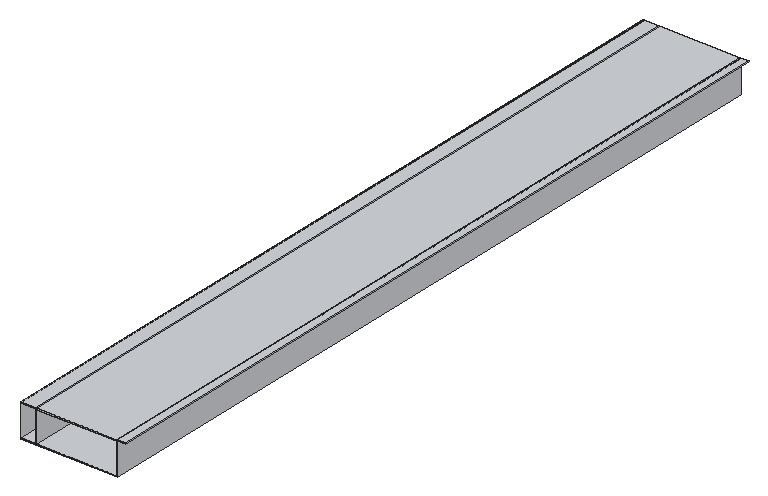
Revit family "Bürstenleisten-Kanalsystem OKB_Kanaleinheit_mit_Blinddeckel_ohne_Nivelliereinheiten", category Generic Models, Revit 2015
Parameters (values of type "OKB U 25085 BD")
  Width = 250 mm
  URL = "http://www.obo-bettermann.com"
  Material = Steel, Galvanized
  Manufacturer Art. No. = "7403818"
  Manufacturer = "OBO Bettermann"
  Lenght [instance] = 2000 mm
  Height = 85 mm
  GTIN = "4012195862079"
  Article Type = "OKB U 25085 BD"
Reference planes
  plane 1 "Center (Front/Back)": y = 0
  plane 2: z = 0
  plane 3 "Center (Left/Right)": x = 0
  plane 4: x = 125
  plane 5: x = -125
  plane 6: x = -84
  plane 7: z = 85
  plane 8: z = 82
  plane 9: x = -123
  plane 10: x = -82
  plane 11: x = 123
  plane 12: z = 2
  plane 13: z = 83
  plane 14: z = 52
  plane 15: y = -2000
Forms (mm)
  Extrusion 1, solid
    sketch origin (0, 0, 0) x (1, 0, 0) y (0, 0, 1)
      loop
        line (-123, 85) -> (-125, 85) -> (-125, 0) -> (125, 0) -> (125, 83) -> (145, 83) -> (145, 85) -> (123, 85) -> (123, 2) -> (-123, 2) -> (-123, 83) -> (-84, 83) -> (-84, 85) -> (-123, 85)
    from 0 to 2000
  Extrusion 2, solid
    sketch origin (0, 0, 0) x (1, 0, 0) y (0, 0, 1)
      loop
        line (123, 85) -> (-84, 85) -> (-84, 2) -> (-82, 2) -> (-82, 82) -> (123, 82) -> (123, 85)
    from 0 to 2000
Lines and regions (mm)
  model lines
    curve 1: line (-125, 0, 0) -> (125, 0, 0)
    curve 2: line (125, 0, 0) -> (125, 0, 83)
    curve 3: line (123, 0, 85) -> (123, 0, 2)
    curve 4: line (123, 0, 2) -> (-123, 0, 2)
    curve 5: line (-84, 0, 85) -> (-84, 0, 2)
    curve 6: line (-84, 0, 82) -> (123, 0, 82)
    curve 7: line (123, 0, 85) -> (-84, 0, 85)
    curve 8: line (-84, 0, 83) -> (-123, 0, 83)
    curve 9: line (-123, 0, 85) -> (-84, 0, 85)
    curve 10: line (-82, 0, 82) -> (-82, 0, 2)
    curve 11: line (125, 0, 83) -> (145, 0, 83)
    curve 12: line (145, 0, 83) -> (145, 0, 85)
    curve 13: line (145, 0, 85) -> (123, 0, 85)
    curve 14: line (-123, 0, 85) -> (-125, 0, 85)
    curve 15: line (-125, 0, 85) -> (-125, 0, 0)
    curve 16: line (-123, 0, 0) -> (-123, 0, 85)
Dimensions and locks
  locked: level to plane 12 at 2
  locked: plane 8 to plane 7 at 3
  locked: plane 13 to plane 7 at 2
  locked: plane 11 to plane 4 at 2
  locked: plane 6 to plane 10 at 2
  locked: plane 5 to plane 9 at 2
  locked: level to plane 14 at 52
  "Width": plane 5 to plane 4
  plane 10 to plane 11 = 205 mm
  equal spacing: plane 5, plane 3 "Center (Left/Right)", plane 4
  locked: plane 4 to curve 12 at 20
  locked: curve 3 to curve 10 at 205
  "Height": level to plane 7
  "Lenght": plane 1 "Center (Front/Back)" to plane 15
  aligned and locked: level to plane 2
  aligned and locked: curve 1 to plane 2
  aligned and locked: curve 2 to plane 4
  aligned and locked: plane 11 to curve 3
  aligned and locked: plane 12 to curve 4
  aligned and locked: plane 6 to curve 5
  aligned and locked: curve 6 to plane 8
  aligned and locked: plane 13 to curve 8
  aligned and locked: curve 9 to plane 7
  aligned and locked: curve 11 to plane 13
  aligned and locked: plane 5 to curve 15
  aligned and locked: curve 16 to plane 9
  aligned and locked: Extrusion 1 sketch curve to curve 9
  aligned and locked: Extrusion 1 sketch curve to curve 8
  aligned and locked: plane 9 to Extrusion 1 sketch curve
  aligned and locked: Extrusion 1 sketch curve to curve 15
  aligned and locked: Extrusion 1 sketch curve to curve 1
  aligned and locked: Extrusion 1 sketch curve to curve 4
  aligned and locked: Extrusion 1 sketch curve to curve 3
  aligned and locked: Extrusion 1 sketch curve to curve 2
  aligned and locked: Extrusion 1 sketch curve to curve 11
  aligned and locked: Extrusion 1 sketch curve to curve 12
  aligned and locked: Extrusion 1 sketch curve to curve 13
  aligned and locked: Extrusion 1 sketch curve to curve 5
  aligned and locked: Extrusion 1 to plane 1 "Center (Front/Back)"
  aligned and locked: Extrusion 1 to plane 15
  aligned and locked: Extrusion 2 sketch curve to curve 7
  aligned and locked: Extrusion 2 sketch curve to curve 5
  aligned and locked: Extrusion 2 sketch curve to curve 10
  aligned and locked: curve 6 to Extrusion 2 sketch curve
  aligned and locked: Extrusion 2 sketch curve to curve 3
  aligned and locked: plane 12 to Extrusion 2 sketch curve
  aligned and locked: Extrusion 1 to Extrusion 2
Automatic sketch dimensions
  plane 9 to Extrusion 1 sketch curve = 0 mm
